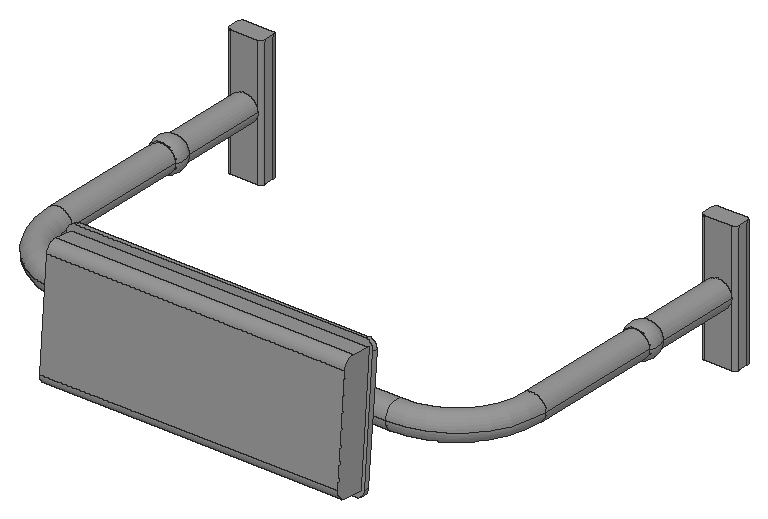
Revit family "RBA4150-101", category Plumbing Fixtures, Revit 2021
Family settings
  Round Connector Dimension = Use Diameter
  Part Type = Normal
  Work Plane-Based = No
  Always vertical = Yes
  Cut with Voids When Loaded = No
  Shared = No
  Room Calculation Point = No
Parameters (values of type "RBA4150-101")
  Watermarked By = "www.rba.com.au"
  URL = "www.rba.com.au"
  Phone Number = ""
  OFFSET = 600.00 mm
  Modified Issue = "20160802.01"
  Model = "RBA4150-101"
  Materials and Finishes = Stainless Steel #304 Satin Finish
  Manufacturer = "RBA Group"
  Description = "Accessible Compliant Backrest"
  Default Elevation = 0.00 mm
  Copyright by = "RBA Group"  # constant formula
  Assembly Code = ""
  Accessible Compliant = "AS1428.1-2009 Compliant"
Reference planes
  plane 1 "Center (Front/Back)": y = 0
  plane 2: z = 0
  plane 3 "Center (Left/Right)": x = 40.5
  plane 4: z = 600
  plane 5: x = 621.5
  plane 6: x = 56.5
  plane 7: z = 695.461
  plane 8: z = 663.461
  plane 9: y = 0
  plane 10: y = -405
Forms (mm)
  Extrusion 1, solid, material "Stainless Steel #304 Satin Finish" <- "Materials and Finishes"
    sketch origin (-996, 0, 0) x (1, 0, 0) y (0, 1, 0)
      loop
        line (1057.5, -17) -> (1057.5, -5)
        arc (1057.5, -5) -> (1056.036, -1.464) -> (1052.5, 0) r 5
        line (1052.5, 0) -> (1020.5, 0)
        arc (1020.5, 0) -> (1016.964, -1.464) -> (1015.5, -5) r 5
        line (1015.5, -5) -> (1015.5, -17)
        arc (1015.5, -17) -> (1016.964, -20.536) -> (1020.5, -22) r 5
        line (1020.5, -22) -> (1052.5, -22)
        arc (1052.5, -22) -> (1056.036, -20.536) -> (1057.5, -17) r 5
      loop
        line (1622.5, -17) -> (1622.5, -5)
        arc (1622.5, -5) -> (1621.036, -1.464) -> (1617.5, 0) r 5
        line (1617.5, 0) -> (1585.5, 0)
        arc (1585.5, 0) -> (1581.964, -1.464) -> (1580.5, -5) r 5
        line (1580.5, -5) -> (1580.5, -17)
        arc (1580.5, -17) -> (1581.964, -20.536) -> (1585.5, -22) r 5
        line (1585.5, -22) -> (1617.5, -22)
        arc (1617.5, -22) -> (1621.036, -20.536) -> (1622.5, -17) r 5
    from 602.672 to 756.672
  Sweep 2, solid, material "Stainless Steel #304 Satin Finish" <- "Materials and Finishes"
    path origin (-996, 0, 0) x (1, 0, 0) y (0, 1, 0)
      loop
        line (1036.5, -22) -> (1036.5, -299)
        arc (1036.5, -299) -> (1062.86, -362.64) -> (1126.5, -389) r 90
        line (1126.5, -389) -> (1511.5, -389)
        arc (1511.5, -389) -> (1575.14, -362.64) -> (1601.5, -299) r 90
        line (1601.5, -299) -> (1601.5, -22)
    profile origin (40.5, -160.5, 0) x (1, 0, 0) y (0, 0, 1)
      loop
        circle (0, 679.461) r 16
  Extrusion 3, solid, material "Stainless Steel #304 Satin Finish" <- "Materials and Finishes"
    sketch origin (-955.5, 0, 0) x (0, 0, 1) y (0, -1, 0)
      loop
        line (746.865, 447.076) -> (622.679, 457.941)
        arc (622.679, 457.941) -> (613.977, 455.197) -> (609.763, 447.104) r 11.922
        line (609.763, 447.104) -> (607.719, 423.731) -> (755.657, 410.788) -> (757.702, 434.161)
        arc (757.702, 434.161) -> (754.958, 442.863) -> (746.865, 447.076) r 11.922
    from 1101 to 1456
  Extrusion 4, solid, material "Stainless Steel #304 Satin Finish" <- "Materials and Finishes"
    sketch origin (-996, -227.597, -18.884) x (1, 0, 0) y (0, 0.087156, 0.996195)
      loop
        line (1136.5, 753.376) -> (1136.5, 609.376)
        arc (1136.5, 609.376) -> (1139.429, 602.305) -> (1146.5, 599.376) r 10
        line (1146.5, 599.376) -> (1491.5, 599.376)
        arc (1491.5, 599.376) -> (1498.571, 602.305) -> (1501.5, 609.376) r 10
        line (1501.5, 609.376) -> (1501.5, 753.376)
        arc (1501.5, 753.376) -> (1498.571, 760.447) -> (1491.5, 763.376) r 10
        line (1491.5, 763.376) -> (1146.5, 763.376)
        arc (1146.5, 763.376) -> (1139.429, 760.447) -> (1136.5, 753.376) r 10
    from 245 to 250
  Extrusion 5, solid, material "Stainless Steel #304 Satin Finish" <- "Materials and Finishes"
    sketch origin (-955.5, 0, 0) x (0, 0, 1) y (0, -1, 0)
      loop
        line (630.777, 411.213) -> (730.775, 402.464) -> (731.251, 407.904) -> (631.253, 416.653) -> (630.777, 411.213)
    from 1121 to 1434.132
  Revolve 6, solid, material "Stainless Steel #304 Satin Finish" <- "Materials and Finishes"
    sketch origin (205.5, 0, 0) x (0, 0, 1) y (0, -1, 0)
      loop
        line (679.461, 391.81) -> (689.423, 390.938) -> (690.295, 400.9) -> (700.257, 400.029) -> (700.7, 405.096) -> (680.776, 406.839) -> (679.461, 391.81)
      axis (679.461, 391.81) -> (680.776, 406.839)
    angle from 0 to 360
  Revolve 7, solid, material "Stainless Steel #304 Satin Finish" <- "Materials and Finishes"
    sketch origin (440.5, 0, 0) x (0, 0, 1) y (0, -1, 0)
      loop
        line (679.461, 391.81) -> (689.423, 390.938) -> (690.295, 400.9) -> (700.257, 400.029) -> (700.7, 405.096) -> (680.776, 406.839) -> (679.461, 391.81)
      axis (679.461, 391.81) -> (680.776, 406.839)
    angle from 0 to 360
  Revolve 8, solid, material "Stainless Steel #304 Satin Finish" <- "Materials and Finishes"
    sketch origin (-16, 0, 679.461) x (1, 0, 0) y (0, 1, 0)
      loop
        line (56.5, -125) -> (39.667, -125)
        arc (39.667, -125) -> (36.988, -135) -> (39.667, -145) r 20
        line (39.667, -145) -> (56.5, -145) -> (56.5, -125)
      axis (56.5, -145) -> (56.5, -125)
    angle from 0 to 360
  Revolve 9, solid, material "Stainless Steel #304 Satin Finish" <- "Materials and Finishes"
    sketch origin (549, 0, 679.461) x (1, 0, 0) y (0, 1, 0)
      loop
        line (56.5, -125) -> (39.667, -125)
        arc (39.667, -125) -> (36.988, -135) -> (39.667, -145) r 20
        line (39.667, -145) -> (56.5, -145) -> (56.5, -125)
      axis (56.5, -145) -> (56.5, -125)
    angle from 0 to 360
Dimensions and locks
  "OFFSET": plane 4 to plane 2
  plane 4 to level = 600.00 mm
Automatic sketch dimensions
  plane 1 "Center (Front/Back)" to Extrusion 1 sketch curve = 0.00 mm  (x2)
  Extrusion 1 sketch curve to plane 6 = 0.00 mm  (x2)
  Extrusion 1 sketch curve to plane 5 = 0.00 mm  (x2)
  Extrusion 1 sketch curve to plane 3 "Center (Left/Right)" = 16.00 mm  (x2)
  Extrusion 1 sketch curve to Extrusion 1 sketch curve = 5.00 mm  (x3)
  plane 1 "Center (Front/Back)" to Extrusion 1 sketch curve = 5.00 mm  (x2)
  Extrusion 1 sketch curve to plane 5 = 37.00 mm
  Extrusion 1 sketch curve to Extrusion 1 sketch curve = 12.00 mm  (x2)
  Sweep 2 sketch curve to plane 3 "Center (Left/Right)" = 0.00 mm
  Sweep 2 sketch curve to plane 6 = 74.00 mm
  Sweep 2 sketch curve to plane 5 = 106.00 mm
  Sweep 2 sketch curve to plane 5 = 16.00 mm
  plane 1 "Center (Front/Back)" to Sweep 2 sketch curve = 389.00 mm
  plane 1 "Center (Front/Back)" to Sweep 2 sketch curve = 22.00 mm  (x2)
  profile plane to Sweep 2 sketch curve = 0.00 mm
  profile plane to Sweep 2 sketch curve = 679.461 mm
  plane 4 to Extrusion 3 sketch curve = 7.719 mm
  plane 4 to Extrusion 3 sketch curve = 9.763 mm
  Extrusion 3 sketch curve to Extrusion 3 sketch curve = 11.876 mm  (x2)
  Extrusion 3 sketch curve to Extrusion 3 sketch curve = 1.039 mm  (x4)
  Extrusion 3 sketch curve to plane 7 = 50.364 mm
  Extrusion 3 sketch curve to Extrusion 3 sketch curve = 9.832 mm
  plane 1 "Center (Front/Back)" to Extrusion 3 sketch curve = 410.788 mm
  Extrusion 3 sketch curve to Extrusion 3 sketch curve = 12.943 mm
  Extrusion 4 sketch curve to plane 6 = 84.00 mm
  Extrusion 4 sketch curve to Extrusion 4 sketch curve = 10.00 mm  (x3)
  Extrusion 4 sketch curve to plane 5 = 126.00 mm  (x2)
  Extrusion 4 sketch curve to Extrusion 4 sketch curve = 144.00 mm
  plane 4 to Extrusion 5 sketch curve = 30.777 mm
  Extrusion 5 sketch curve to Extrusion 5 sketch curve = 0.476 mm
  Extrusion 5 sketch curve to plane 7 = 35.314 mm
  plane 1 "Center (Front/Back)" to Extrusion 5 sketch curve = 402.464 mm
  Extrusion 5 sketch curve to Extrusion 5 sketch curve = 5.44 mm
  plane 7 to Revolve 6 sketch curve = 16.00 mm
  plane 7 to Revolve 6 sketch curve = 14.685 mm
  plane 7 to Revolve 6 sketch curve = 6.038 mm
  plane 7 to Revolve 6 sketch curve = 5.166 mm
  Revolve 6 sketch curve to plane 7 = 4.795 mm
  plane 1 "Center (Front/Back)" to Revolve 6 sketch curve = 390.938 mm
  Revolve 6 sketch curve to Revolve 6 sketch curve = 0.872 mm
  Revolve 6 sketch curve to plane 1 "Center (Front/Back)" = 0.001 mm
  plane 8 to Revolve 6 sketch curve = 18.279 mm
  plane 7 to Revolve 6 sketch curve = 10.209 mm
  Revolve 6 sketch curve to Revolve 6 sketch curve = 51.161 mm
  plane 7 to Revolve 7 sketch curve = 16.00 mm
  plane 7 to Revolve 7 sketch curve = 14.685 mm
  plane 7 to Revolve 7 sketch curve = 6.038 mm
  plane 7 to Revolve 7 sketch curve = 5.166 mm
  Revolve 7 sketch curve to plane 7 = 4.795 mm
  plane 1 "Center (Front/Back)" to Revolve 7 sketch curve = 390.938 mm
  Revolve 7 sketch curve to Revolve 7 sketch curve = 0.872 mm
  Revolve 7 sketch curve to plane 1 "Center (Front/Back)" = 0.001 mm
  plane 8 to Revolve 7 sketch curve = 18.279 mm
  plane 7 to Revolve 7 sketch curve = 10.209 mm
  Revolve 7 sketch curve to Revolve 7 sketch curve = 51.161 mm
  Revolve 8 sketch curve to plane 3 "Center (Left/Right)" = 0.00 mm  (x2)
  Revolve 8 sketch curve to plane 3 "Center (Left/Right)" = 16.833 mm  (x2)
  plane 3 "Center (Left/Right)" to Revolve 8 sketch curve = 0.488 mm
  plane 1 "Center (Front/Back)" to Revolve 8 sketch curve = 145.00 mm
  Revolve 8 sketch curve to Revolve 8 sketch curve = 10.00 mm
  Revolve 8 sketch curve to Revolve 8 sketch curve = 0.00 mm
  Revolve 8 sketch curve to Revolve 8 sketch curve = 15.00 mm
  Revolve 9 sketch curve to plane 5 = 32.833 mm
  Revolve 9 sketch curve to Revolve 9 sketch curve = 0.00 mm  (x3)
  Revolve 9 sketch curve to plane 5 = 16.00 mm
  Revolve 9 sketch curve to Revolve 9 sketch curve = 0.488 mm
  plane 1 "Center (Front/Back)" to Revolve 9 sketch curve = 145.00 mm
  Revolve 9 sketch curve to Revolve 9 sketch curve = 10.00 mm
  Revolve 9 sketch curve to Revolve 9 sketch curve = 15.00 mm
  radius of Sweep 2 sketch curve = 16.00 mm
